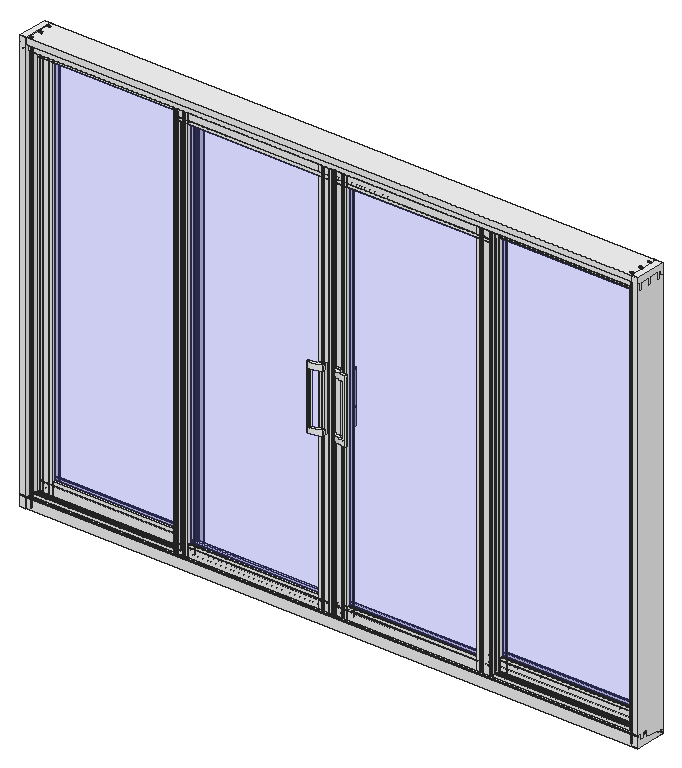
Revit family "Patio-Door_650_4-Light_OXXO_Novatech", category Doors, host Wall, Revit 2026 (continued)
Definition of nested family "NOVATECH 650_4 LIGHT_SASH_X_RIGHT"
  Definition of nested family "NOVATECH_650_3 LIGHT_OXO_SASH_O_HEADER"
    Forms (in)
      Extrusion 1, solid, material <- "Frame Material"
        sketch origin (0, 3.99113, -1.74837) x (0, 1, 0) y (0, 0, 1)
          loop
            line (-3.96572, 1.7827) -> (-3.72145, 1.74837) -> (-3.72145, 1.78968) -> (-3.75491, 1.78968) -> (-3.75491, 2.4378) -> (-3.65663, 2.4378) -> (-3.65663, 2.3126) -> (-2.78262, 2.3126) -> (-2.78262, 2.4378) -> (-2.55413, 2.4378) -> (-2.55413, 2.67402) -> (-2.60531, 2.67402) -> (-2.60531, 2.77244) -> (-2.41239, 2.77244) -> (-2.41239, 2.4378) -> (-2.33365, 2.4378) -> (-2.33365, 4.29213)
            arc (-2.33365, 4.29213) -> (-2.35095, 4.33389) -> (-2.39271, 4.35118) r 0.05906
            line (-2.39271, 4.35118) -> (-2.70964, 4.35118)
            arc (-2.70964, 4.35118) -> (-2.7514, 4.33389) -> (-2.76869, 4.29213) r 0.05906
          loop
            line (-2.33365, 1.77983) -> (-2.33365, 2.41424)
            arc (-2.33365, 2.41424) -> (-2.34153, 2.42788) -> (-2.35728, 2.42788) r 0.01575
            line (-2.35728, 2.42788) -> (-2.3867, 2.41134)
            arc (-2.3867, 2.41134) -> (-2.40913, 2.41876) -> (-2.41969, 2.43989) r 0.03079
            line (-2.41969, 2.43989) -> (-2.43129, 2.60578) -> (-2.46833, 2.69723)
            arc (-2.46833, 2.69723) -> (-2.49406, 2.72434) -> (-2.53137, 2.72666) r 0.05107
            arc (-2.53137, 2.72666) -> (-2.55479, 2.69582) -> (-2.53061, 2.66558) r 0.0315
            line (-2.53061, 2.66558) -> (-2.49742, 2.58344) -> (-2.48648, 2.44027) -> (-2.57331, 2.38618) -> (-2.68011, 2.42243)
            arc (-2.68011, 2.42243) -> (-2.69481, 2.42088) -> (-2.70176, 2.40783) r 0.01575
            line (-2.70176, 2.40783) -> (-2.70176, 1.78968) -> (-2.72145, 1.75031) -> (-2.36318, 1.75031)
            arc (-2.36318, 1.75031) -> (-2.3423, 1.75896) -> (-2.33365, 1.77983) r 0.02953
        from 0 to 25.4316
    Dimensions and locks (in)
      "Length": plane 3 "Center (Left/Right)" to plane 4
      aligned and locked: plane 2 to level
      aligned and locked: plane 4 to Extrusion 1
      aligned and locked: Extrusion 1 to plane 3 "Center (Left/Right)"
    Automatic sketch dimensions
      Extrusion 1 sketch curve to level = 0"
      plane 1 "Center (Front/Back)" to Extrusion 1 sketch curve = 0"
      level to Extrusion 1 sketch curve = 0.03433"
      Extrusion 1 sketch curve to Extrusion 1 sketch curve = 0.02542"
      Extrusion 1 sketch curve to Extrusion 1 sketch curve = 0.02953"
      Extrusion 1 sketch curve to Extrusion 1 sketch curve = 0.05906"
      Extrusion 1 sketch curve to Extrusion 1 sketch curve = 0.20669"
      Extrusion 1 sketch curve to Extrusion 1 sketch curve = 0.03346"
      Extrusion 1 sketch curve to Extrusion 1 sketch curve = 0.27362"  (x2)
      Extrusion 1 sketch curve to Extrusion 1 sketch curve = 0.09828"
      Extrusion 1 sketch curve to Extrusion 1 sketch curve = 0.04331"
      Extrusion 1 sketch curve to Extrusion 1 sketch curve = 0.00787"  (x2)
      Extrusion 1 sketch curve to Extrusion 1 sketch curve = 0.05118"  (x4)
      Extrusion 1 sketch curve to plane 1 "Center (Front/Back)" = 1.20852"
      Extrusion 1 sketch curve to plane 1 "Center (Front/Back)" = 1.22244"  (x2)
      Extrusion 1 sketch curve to plane 1 "Center (Front/Back)" = 1.26968"
      Extrusion 1 sketch curve to plane 1 "Center (Front/Back)" = 1.27362"  (x2)
      Extrusion 1 sketch curve to plane 1 "Center (Front/Back)" = 1.2815"
      Extrusion 1 sketch curve to plane 1 "Center (Front/Back)" = 1.28937"
      Extrusion 1 sketch curve to plane 1 "Center (Front/Back)" = 1.28938"
      Extrusion 1 sketch curve to Extrusion 1 sketch curve = 0.01575"  (x2)
      Extrusion 1 sketch curve to Extrusion 1 sketch curve = 0.0059"
      Extrusion 1 sketch curve to plane 1 "Center (Front/Back)" = 1.38583"
      Extrusion 1 sketch curve to Extrusion 1 sketch curve = 0.1068"
      Extrusion 1 sketch curve to Extrusion 1 sketch curve = 0.01918"
      Extrusion 1 sketch curve to Extrusion 1 sketch curve = 0.02352"
      Extrusion 1 sketch curve to Extrusion 1 sketch curve = 0.00731"
      Extrusion 1 sketch curve to Extrusion 1 sketch curve = 0.01494"
      Extrusion 1 sketch curve to Extrusion 1 sketch curve = 0.03319"
      Extrusion 1 sketch curve to Extrusion 1 sketch curve = 0.06765"
      Extrusion 1 sketch curve to Extrusion 1 sketch curve = 0.04734"
      Extrusion 1 sketch curve to Extrusion 1 sketch curve = 0.06613"
      Extrusion 1 sketch curve to Extrusion 1 sketch curve = 0.06679"
      Extrusion 1 sketch curve to Extrusion 1 sketch curve = 0.0073"
      Extrusion 1 sketch curve to Extrusion 1 sketch curve = 0.02341"
      Extrusion 1 sketch curve to Extrusion 1 sketch curve = 0.00228"
      level to Extrusion 1 sketch curve = 0.00194"
      Extrusion 1 sketch curve to Extrusion 1 sketch curve = 0.33858"
      Extrusion 1 sketch curve to Extrusion 1 sketch curve = 0.02942"
      Extrusion 1 sketch curve to Extrusion 1 sketch curve = 0.02362"
      level to Extrusion 1 sketch curve = 0.04131"  (x2)
      Extrusion 1 sketch curve to Extrusion 1 sketch curve = 0.52292"
      Extrusion 1 sketch curve to Extrusion 1 sketch curve = 0.07358"
      Extrusion 1 sketch curve to Extrusion 1 sketch curve = 0.02165"
      Extrusion 1 sketch curve to Extrusion 1 sketch curve = 0"
      Extrusion 1 sketch curve to Extrusion 1 sketch curve = 0.02516"
      Extrusion 1 sketch curve to Extrusion 1 sketch curve = 0.0029"
      Extrusion 1 sketch curve to Extrusion 1 sketch curve = 0.05162"
      Extrusion 1 sketch curve to Extrusion 1 sketch curve = 0.02356"
      Extrusion 1 sketch curve to Extrusion 1 sketch curve = 0.1252"
      Extrusion 1 sketch curve to Extrusion 1 sketch curve = 0.00209"
      Extrusion 1 sketch curve to Extrusion 1 sketch curve = 0.00038"
      Extrusion 1 sketch curve to Extrusion 1 sketch curve = 0.14318"
      Extrusion 1 sketch curve to Extrusion 1 sketch curve = 0.02234"
      Extrusion 1 sketch curve to Extrusion 1 sketch curve = 0.08214"
      Extrusion 1 sketch curve to Extrusion 1 sketch curve = 0.00844"
      Extrusion 1 sketch curve to Extrusion 1 sketch curve = 0.01248"
      Extrusion 1 sketch curve to Extrusion 1 sketch curve = 0.01815"
      Extrusion 1 sketch curve to Extrusion 1 sketch curve = 0.01917"
      Extrusion 1 sketch curve to Extrusion 1 sketch curve = 0.07521"
      Extrusion 1 sketch curve to Extrusion 1 sketch curve = 1.20472"
      Extrusion 1 sketch curve to Extrusion 1 sketch curve = 0.32247"  (x2)
      Extrusion 1 sketch curve to Extrusion 1 sketch curve = 0.06299"  (x4)
      Extrusion 1 sketch curve to Extrusion 1 sketch curve = 0.1811"  (x2)
      Extrusion 1 sketch curve to Extrusion 1 sketch curve = 0.02005"  (x2)
  Definition of nested family "NOVATECH_650_2 LIGHT_SASH_O_LEFT"
    Parameters (values of type "NOVATECH_650_2 LIGHT_SASH_X_RIGHT")
      Length = 91 121/128"
      Frame Material = none
      Default Elevation = 0"
    Types (2): name | Length
      NOVATECH_650_2 LIGHT_SASH_X_RIGHT | 91 121/128"
      X_RIGHT | 75 121/128"
    Reference planes (in)
      plane 1 "Center (Front/Back)": y = 0
      plane 2: z = 0
      plane 3 "Center (Left/Right)": x = 0
      plane 4: z = 91.94531
    Forms (in)
      Extrusion 1, solid, material <- "Frame Material"
        sketch origin (0, 0, 0) x (1, 0, 0) y (0, 1, 0)
          loop
            arc (0, 2.60918) -> (-0.00724, 2.62855) -> (-0.02542, 2.63842) r 0.02953
            line (-0.02542, 2.63842) -> (-0.26968, 2.67275) -> (-0.26968, 2.63144) -> (-0.23622, 2.63144) -> (-0.23622, 1.98332) -> (-0.33268, 1.98332) -> (-0.33268, 2.10852) -> (-1.20669, 2.10852) -> (-1.20669, 1.98332) -> (-1.43701, 1.98332) -> (-1.43701, 1.7471) -> (-1.38583, 1.7471) -> (-1.38583, 1.64868) -> (-1.57874, 1.64868) -> (-1.57874, 1.98332) -> (-1.65748, 1.98332) -> (-1.65748, 0.12899)
            arc (-1.65748, 0.12899) -> (-1.64018, 0.08723) -> (-1.59843, 0.06993) r 0.05906
            line (-1.59843, 0.06993) -> (-1.2815, 0.06993)
            arc (-1.2815, 0.06993) -> (-1.23974, 0.08723) -> (-1.22244, 0.12899) r 0.05906
            line (-1.22244, 0.12899) -> (-1.22244, 0.21204) -> (-1.27362, 0.21204) -> (-1.27362, 0.14904) -> (-1.3248, 0.14904) -> (-1.3248, 0.45613) -> (-1.27362, 0.45613) -> (-1.27362, 0.39314) -> (-1.22244, 0.39314) -> (-1.22244, 0.7786) -> (-0.43504, 0.7786) -> (-0.43504, 0.39314) -> (-0.38386, 0.39314) -> (-0.38386, 0.45613) -> (-0.33268, 0.45613) -> (-0.33268, 0.14904) -> (-0.38386, 0.14904) -> (-0.38386, 0.21204) -> (-0.43504, 0.21204) -> (-0.43504, 0.12899)
            arc (-0.43504, 0.12899) -> (-0.41774, 0.08723) -> (-0.37598, 0.06993) r 0.05906
            line (-0.37598, 0.06993) -> (-0.05906, 0.06993)
            arc (-0.05906, 0.06993) -> (-0.0173, 0.08723) -> (0, 0.12899) r 0.05906
            line (0, 0.12899) -> (0, 2.60918)
          loop
            line (-1.65748, 2.64128) -> (-1.65748, 2.00688)
            arc (-1.65748, 2.00688) -> (-1.64961, 1.99324) -> (-1.63386, 1.99324) r 0.01575
            line (-1.63386, 1.99324) -> (-1.59722, 2.01457)
            arc (-1.59722, 2.01457) -> (-1.57751, 2.00971) -> (-1.56866, 1.99144) r 0.02387
            line (-1.56866, 1.99144) -> (-1.55561, 1.80487) -> (-1.52275, 1.724)
            arc (-1.52275, 1.724) -> (-1.49705, 1.69699) -> (-1.45984, 1.69471) r 0.05095
            arc (-1.45984, 1.69471) -> (-1.43807, 1.71807) -> (-1.44789, 1.74845) r 0.0315
            line (-1.44789, 1.74845) -> (-1.49117, 1.85556) -> (-1.50093, 1.98318) -> (-1.41782, 2.03494) -> (-1.31103, 1.99869)
            arc (-1.31103, 1.99869) -> (-1.29632, 2.00023) -> (-1.28938, 2.01329) r 0.01575
            line (-1.28938, 2.01329) -> (-1.28937, 2.63144) -> (-1.26968, 2.67081) -> (-1.62795, 2.67081)
            arc (-1.62795, 2.67081) -> (-1.64883, 2.66216) -> (-1.65748, 2.64128) r 0.02953
          loop
            line (0.07647, -0.01969) -> (0.07647, -0.38602)
            arc (0.07647, -0.38602) -> (0.10206, -0.40478) -> (0.12766, -0.38602) r 0.02683
            line (0.12766, -0.38602) -> (0.12766, -0.35453)
            arc (0.12766, -0.35453) -> (0.15325, -0.33628) -> (0.17884, -0.35453) r 0.02707
            line (0.17884, -0.35453) -> (0.17884, -0.63012)
            arc (0.17884, -0.63012) -> (0.15325, -0.64893) -> (0.12766, -0.63012) r 0.02681
            line (0.12766, -0.63012) -> (0.12766, -0.59862)
            arc (0.12766, -0.59862) -> (0.10206, -0.58127) -> (0.07647, -0.59862) r 0.02755
            line (0.07647, -0.59862) -> (0.07647, -0.66555)
            arc (0.07647, -0.66555) -> (0.09377, -0.70731) -> (0.13553, -0.72461) r 0.05906
            line (0.13553, -0.72461) -> (0.22766, -0.72461)
            arc (0.22766, -0.72461) -> (0.24881, -0.71584) -> (0.25758, -0.69469) r 0.02992
            line (0.25758, -0.69469) -> (0.25758, 0.23201)
            arc (0.25758, 0.23201) -> (0.23169, 0.29038) -> (0.17096, 0.31114) r 0.07874
            arc (0.17096, 0.31114) -> (0.11032, 0.33112) -> (0.08443, 0.38949) r 0.07874
            line (0.08443, 0.38949) -> (0.08474, 0.60158)
            arc (0.08474, 0.60158) -> (0.0526, 0.62704) -> (0.01382, 0.61375) r 0.04276
            line (0.01382, 0.61375) -> (0.01348, 0.05437) -> (-0.59274, 0.05437) -> (-0.5928, 0.73559)
            arc (-0.5928, 0.73559) -> (-0.62272, 0.75865) -> (-0.65265, 0.73561) r 0.03095
            line (-0.65265, 0.73561) -> (-0.65258, 0.42442) -> (-1.00487, 0.42443) -> (-1.00481, 0.73561)
            arc (-1.00481, 0.73561) -> (-1.03474, 0.75865) -> (-1.06466, 0.73559) r 0.03095
            line (-1.06466, 0.73559) -> (-1.06472, 0.05437) -> (-1.67093, 0.05437) -> (-1.67127, 0.61375)
            arc (-1.67127, 0.61375) -> (-1.71006, 0.62704) -> (-1.74219, 0.60158) r 0.04276
            line (-1.74219, 0.60158) -> (-1.74188, 0.38949)
            arc (-1.74188, 0.38949) -> (-1.76777, 0.33112) -> (-1.82849, 0.31036) r 0.07874
            arc (-1.82849, 0.31036) -> (-1.88914, 0.29038) -> (-1.91503, 0.23201) r 0.07874
            line (-1.91503, 0.23201) -> (-1.91503, -0.69469)
            arc (-1.91503, -0.69469) -> (-1.90627, -0.71584) -> (-1.88511, -0.72461) r 0.02992
            line (-1.88511, -0.72461) -> (-1.79298, -0.72461)
            arc (-1.79298, -0.72461) -> (-1.75123, -0.70731) -> (-1.73393, -0.66555) r 0.05906
            line (-1.73393, -0.66555) -> (-1.73393, -0.59862)
            arc (-1.73393, -0.59862) -> (-1.75952, -0.58127) -> (-1.78511, -0.59862) r 0.02755
            line (-1.78511, -0.59862) -> (-1.78511, -0.63012)
            arc (-1.78511, -0.63012) -> (-1.8107, -0.64893) -> (-1.83629, -0.63012) r 0.02681
            line (-1.83629, -0.63012) -> (-1.83629, -0.35453)
            arc (-1.83629, -0.35453) -> (-1.8107, -0.33628) -> (-1.78511, -0.35453) r 0.02707
            line (-1.78511, -0.35453) -> (-1.78511, -0.38602)
            arc (-1.78511, -0.38602) -> (-1.75952, -0.40478) -> (-1.73393, -0.38602) r 0.02683
            line (-1.73393, -0.38602) -> (-1.73393, -0.01969)
            arc (-1.73393, -0.01969) -> (-1.72816, -0.00577) -> (-1.71424, 0) r 0.01969
            line (-1.71424, 0) -> (0.05679, 0)
            arc (0.05679, 0) -> (0.07071, -0.00577) -> (0.07647, -0.01969) r 0.01969
        from 0 to 91.94531
    Dimensions and locks (in)
      "Length": plane 4 to level
      aligned and locked: plane 2 to level
      aligned and locked: Extrusion 1 to level
      aligned and locked: plane 4 to Extrusion 1
    Automatic sketch dimensions
      Extrusion 1 sketch curve to plane 3 "Center (Left/Right)" = 1.91503"
      Extrusion 1 sketch curve to Extrusion 1 sketch curve = 0.02992"  (x4)
      Extrusion 1 sketch curve to Extrusion 1 sketch curve = 0.04882"
      Extrusion 1 sketch curve to Extrusion 1 sketch curve = 0.07874"  (x3)
      Extrusion 1 sketch curve to Extrusion 1 sketch curve = 0.01567"  (x2)
      Extrusion 1 sketch curve to Extrusion 1 sketch curve = 0.02559"  (x14)
      Extrusion 1 sketch curve to Extrusion 1 sketch curve = 0.09213"  (x2)
      Extrusion 1 sketch curve to Extrusion 1 sketch curve = 0.07843"
      Extrusion 1 sketch curve to Extrusion 1 sketch curve = 0.05906"  (x4)
      Extrusion 1 sketch curve to Extrusion 1 sketch curve = 0.01969"  (x4)
      Extrusion 1 sketch curve to Extrusion 1 sketch curve = 0.03937"  (x2)
      Extrusion 1 sketch curve to Extrusion 1 sketch curve = 0.03155"  (x2)
      Extrusion 1 sketch curve to Extrusion 1 sketch curve = 0.04331"  (x4)
      Extrusion 1 sketch curve to Extrusion 1 sketch curve = 0.01379"  (x2)
      Extrusion 1 sketch curve to Extrusion 1 sketch curve = 0"  (x3)
      Extrusion 1 sketch curve to Extrusion 1 sketch curve = 0.01575"  (x2)
      Extrusion 1 sketch curve to Extrusion 1 sketch curve = 0.00787"  (x2)
      Extrusion 1 sketch curve to Extrusion 1 sketch curve = 0.02953"
      Extrusion 1 sketch curve to Extrusion 1 sketch curve = 0.03664"
      Extrusion 1 sketch curve to Extrusion 1 sketch curve = 0.00468"
      Extrusion 1 sketch curve to Extrusion 1 sketch curve = 0.01008"
      Extrusion 1 sketch curve to Extrusion 1 sketch curve = 0.02313"
      Extrusion 1 sketch curve to Extrusion 1 sketch curve = 0.03286"
      Extrusion 1 sketch curve to Extrusion 1 sketch curve = 0.06773"
      Extrusion 1 sketch curve to Extrusion 1 sketch curve = 0.06444"
      Extrusion 1 sketch curve to Extrusion 1 sketch curve = 0.0472"
      Extrusion 1 sketch curve to Extrusion 1 sketch curve = 0.00674"
      Extrusion 1 sketch curve to Extrusion 1 sketch curve = 0.02766"
      Extrusion 1 sketch curve to Extrusion 1 sketch curve = 0.01089"
      Extrusion 1 sketch curve to Extrusion 1 sketch curve = 0.01918"
      Extrusion 1 sketch curve to Extrusion 1 sketch curve = 0.05118"  (x7)
      Extrusion 1 sketch curve to Extrusion 1 sketch curve = 0.27362"  (x2)
      Extrusion 1 sketch curve to Extrusion 1 sketch curve = 0.1068"
      Extrusion 1 sketch curve to Extrusion 1 sketch curve = 0.0059"
      Extrusion 1 sketch curve to Extrusion 1 sketch curve = 0.33858"
      Extrusion 1 sketch curve to Extrusion 1 sketch curve = 0.08268"
      Extrusion 1 sketch curve to Extrusion 1 sketch curve = 0.15772"
      Extrusion 1 sketch curve to Extrusion 1 sketch curve = 0.15778"
      Extrusion 1 sketch curve to Extrusion 1 sketch curve = 0.02993"  (x2)
      Extrusion 1 sketch curve to Extrusion 1 sketch curve = 0.21757"
      Extrusion 1 sketch curve to Extrusion 1 sketch curve = 0.35216"
      Extrusion 1 sketch curve to Extrusion 1 sketch curve = 0.00007"
      Extrusion 1 sketch curve to Extrusion 1 sketch curve = 0.05985"
      Extrusion 1 sketch curve to Extrusion 1 sketch curve = 0.1577"
      Extrusion 1 sketch curve to Extrusion 1 sketch curve = 0.15776"
      Extrusion 1 sketch curve to Extrusion 1 sketch curve = 0.87402"
      Extrusion 1 sketch curve to Extrusion 1 sketch curve = 0.06299"  (x5)
      Extrusion 1 sketch curve to Extrusion 1 sketch curve = 0.03346"
      Extrusion 1 sketch curve to Extrusion 1 sketch curve = 0.20669"
      Extrusion 1 sketch curve to Extrusion 1 sketch curve = 0.00411"
      Extrusion 1 sketch curve to Extrusion 1 sketch curve = 0.07253"
      Extrusion 1 sketch curve to Extrusion 1 sketch curve = 0.3465"
      Extrusion 1 sketch curve to Extrusion 1 sketch curve = 5/128"
      Extrusion 1 sketch curve to Extrusion 1 sketch curve = 0.03543"  (x2)
      Extrusion 1 sketch curve to Extrusion 1 sketch curve = 0.008"  (x2)
      Extrusion 1 sketch curve to Extrusion 1 sketch curve = 0.0213"  (x2)
      Extrusion 1 sketch curve to Extrusion 1 sketch curve = 0.0102"  (x2)
      Extrusion 1 sketch curve to Extrusion 1 sketch curve = 0.07406"
      Extrusion 1 sketch curve to Extrusion 1 sketch curve = 0.01556"  (x2)
      Extrusion 1 sketch curve to Extrusion 1 sketch curve = 0.02005"  (x2)
      Extrusion 1 sketch curve to Extrusion 1 sketch curve = 0.15748"  (x2)
      Extrusion 1 sketch curve to Extrusion 1 sketch curve = 0.1811"  (x2)
      Extrusion 1 sketch curve to Extrusion 1 sketch curve = 0.03129"
      Extrusion 1 sketch curve to Extrusion 1 sketch curve = 0.04301"
      Extrusion 1 sketch curve to Extrusion 1 sketch curve = 0.87008"
      Extrusion 1 sketch curve to Extrusion 1 sketch curve = 0.07532"
      Extrusion 1 sketch curve to Extrusion 1 sketch curve = 0.00091"
      Extrusion 1 sketch curve to Extrusion 1 sketch curve = 0.01827"
      Extrusion 1 sketch curve to Extrusion 1 sketch curve = 0.0222"
      Extrusion 1 sketch curve to Extrusion 1 sketch curve = 0.00135"
      Extrusion 1 sketch curve to Extrusion 1 sketch curve = 0.08088"
      Extrusion 1 sketch curve to Extrusion 1 sketch curve = 0.05069"
      Extrusion 1 sketch curve to Extrusion 1 sketch curve = 0.12761"
      Extrusion 1 sketch curve to Extrusion 1 sketch curve = 0.00014"  (x2)
      Extrusion 1 sketch curve to Extrusion 1 sketch curve = 0.00784"
      Extrusion 1 sketch curve to Extrusion 1 sketch curve = 0.00812"
      Extrusion 1 sketch curve to Extrusion 1 sketch curve = 0.00992"
      Extrusion 1 sketch curve to Extrusion 1 sketch curve = 0.01537"
      Extrusion 1 sketch curve to Extrusion 1 sketch curve = 0.05162"
      Extrusion 1 sketch curve to Extrusion 1 sketch curve = 0.1252"
      Extrusion 1 sketch curve to Extrusion 1 sketch curve = 0.50066"
      Extrusion 1 sketch curve to Extrusion 1 sketch curve = 0.52292"
      Extrusion 1 sketch curve to Extrusion 1 sketch curve = 0.02226"
      Extrusion 1 sketch curve to Extrusion 1 sketch curve = 0.00984"
      Extrusion 1 sketch curve to Extrusion 1 sketch curve = 0.04131"
      Extrusion 1 sketch curve to Extrusion 1 sketch curve = 1/128"  (x2)
      Extrusion 1 sketch curve to Extrusion 1 sketch curve = 0.00008"  (x2)
      plane 1 "Center (Front/Back)" to Extrusion 1 sketch curve = 0"
      Extrusion 1 sketch curve to Extrusion 1 sketch curve = 0.33484"  (x2)
      Extrusion 1 sketch curve to Extrusion 1 sketch curve = 0.00883"  (x2)
      Extrusion 1 sketch curve to Extrusion 1 sketch curve = 3/128"  (x2)
      Extrusion 1 sketch curve to Extrusion 1 sketch curve = 0.00808"  (x2)
      Extrusion 1 sketch curve to Extrusion 1 sketch curve = 0.2126"  (x2)
      Extrusion 1 sketch curve to plane 1 "Center (Front/Back)" = 0.05437"
      Extrusion 1 sketch curve to plane 1 "Center (Front/Back)" = 0.23201"  (x2)
      Extrusion 1 sketch curve to Extrusion 1 sketch curve = 0.03128"
      Extrusion 1 sketch curve to Extrusion 1 sketch curve = 0.1954"  (x2)
      Extrusion 1 sketch curve to Extrusion 1 sketch curve = 0.01669"  (x2)
      Extrusion 1 sketch curve to Extrusion 1 sketch curve = 0.30326"
      Extrusion 1 sketch curve to Extrusion 1 sketch curve = 0.30328"
      Extrusion 1 sketch curve to Extrusion 1 sketch curve = 0.0079"  (x2)
  Definition of nested family "NOVATECH_650_2 LIGHT_SASH_O_RIGHT"
    Parameters (values of type "O_RIGHT")
      Length = 75 121/128"
      Frame Material = none
      Default Elevation = 0"
    Types (3): name | Length
      O_RIGHT | 75 121/128"
      X_LEFT | 75 121/128"
      NOVATECH_650_2 LIGHT_SASH_O_LEFT | 91 121/128"
    Reference planes (in)
      plane 1 "Center (Front/Back)": y = 0
      plane 2: z = 0
      plane 3 "Center (Left/Right)": x = 0
      plane 4: z = 75.94531
      plane 5: y = 1.34378
    Forms (in)
      Extrusion 1, solid, material <- "Frame Material"
        sketch origin (0, 0, 0) x (1, 0, 0) y (0, 1, 0)
          loop
            line (0.26968, 2.68949) -> (0.02542, 2.65516)
            arc (0.02542, 2.65516) -> (0.00724, 2.6453) -> (0, 2.62592) r 0.02953
            line (0, 2.62592) -> (0, 0.14573)
            arc (0, 0.14573) -> (0.0173, 0.10398) -> (0.05906, 0.08668) r 0.05906
            line (0.05906, 0.08668) -> (0.37598, 0.08668)
            arc (0.37598, 0.08668) -> (0.41774, 0.10398) -> (0.43504, 0.14573) r 0.05906
            line (0.43504, 0.14573) -> (0.43504, 0.21303)
            arc (0.43504, 0.21303) -> (0.40945, 0.22962) -> (0.38386, 0.21303) r 0.02803
            line (0.38386, 0.21303) -> (0.38386, 0.18154)
            arc (0.38386, 0.18154) -> (0.35827, 0.16396) -> (0.33268, 0.18154) r 0.02742
            line (0.33268, 0.18154) -> (0.33268, 0.45713)
            arc (0.33268, 0.45713) -> (0.35827, 0.47486) -> (0.38386, 0.45713) r 0.02733
            line (0.38386, 0.45713) -> (0.38386, 0.42563)
            arc (0.38386, 0.42563) -> (0.40945, 0.40805) -> (0.43504, 0.42563) r 0.02742
            line (0.43504, 0.42563) -> (0.43504, 0.79534) -> (1.22244, 0.79534) -> (1.22244, 0.42563)
            arc (1.22244, 0.42563) -> (1.24803, 0.40805) -> (1.27362, 0.42563) r 0.02742
            line (1.27362, 0.42563) -> (1.27362, 0.45713)
            arc (1.27362, 0.45713) -> (1.29921, 0.47524) -> (1.3248, 0.45713) r 0.02713
            line (1.3248, 0.45713) -> (1.3248, 0.18154)
            arc (1.3248, 0.18154) -> (1.29921, 0.16434) -> (1.27362, 0.18154) r 0.02764
            line (1.27362, 0.18154) -> (1.27362, 0.21303)
            arc (1.27362, 0.21303) -> (1.24803, 0.23061) -> (1.22244, 0.21303) r 0.02742
            line (1.22244, 0.21303) -> (1.22244, 0.14573)
            arc (1.22244, 0.14573) -> (1.23974, 0.10398) -> (1.2815, 0.08668) r 0.05906
            line (1.2815, 0.08668) -> (1.59843, 0.08668)
            arc (1.59843, 0.08668) -> (1.64018, 0.10398) -> (1.65748, 0.14573) r 0.05906
            line (1.65748, 0.14573) -> (1.65748, 2.00007) -> (1.57874, 2.00007) -> (1.57874, 1.66542) -> (1.38583, 1.66542) -> (1.38583, 1.76384) -> (1.43701, 1.76384) -> (1.43701, 2.00007) -> (1.20669, 2.00007) -> (1.20669, 2.12479) -> (0.33268, 2.12479) -> (0.33268, 1.99959) -> (0.23622, 1.99959) -> (0.23622, 2.64819) -> (0.26968, 2.64819) -> (0.26968, 2.68949)
          loop
            line (1.28937, 2.64819) -> (1.28938, 2.03003)
            arc (1.28938, 2.03003) -> (1.29632, 2.01698) -> (1.31103, 2.01543) r 0.01575
            line (1.31103, 2.01543) -> (1.41782, 2.05168) -> (1.50093, 1.99992) -> (1.49117, 1.87231) -> (1.44649, 1.76171)
            arc (1.44649, 1.76171) -> (1.44092, 1.73158) -> (1.4636, 1.71098) r 0.0315
            arc (1.4636, 1.71098) -> (1.49865, 1.71501) -> (1.52258, 1.74094) r 0.05068
            line (1.52258, 1.74094) -> (1.558, 1.82779) -> (1.57055, 2.0073)
            arc (1.57055, 2.0073) -> (1.58152, 2.02632) -> (1.60344, 2.02757) r 0.02309
            line (1.60344, 2.02757) -> (1.63386, 2.01194)
            arc (1.63386, 2.01194) -> (1.64961, 2.01194) -> (1.65748, 2.02558) r 0.01575
            line (1.65748, 2.02558) -> (1.65748, 2.65803)
            arc (1.65748, 2.65803) -> (1.64883, 2.67891) -> (1.62795, 2.68756) r 0.02953
            line (1.62795, 2.68756) -> (1.26968, 2.68756) -> (1.28937, 2.64819)
          loop
            line (1.65216, 0.06693) -> (1.18018, 0.06693) -> (1.21838, 0.25591) -> (1.26986, 0.25591)
            arc (1.26986, 0.25591) -> (1.28457, 0.26603) -> (1.28036, 0.28339) r 0.01575
            line (1.28036, 0.28339) -> (1.1774, 0.397)
            arc (1.1774, 0.397) -> (1.15456, 0.39997) -> (1.14407, 0.37946) r 0.02
            line (1.14407, 0.37946) -> (1.16159, 0.25591) -> (1.12419, 0.07087) -> (0.53364, 0.07087) -> (0.49624, 0.25591) -> (0.51373, 0.37069)
            arc (0.51373, 0.37069) -> (0.50336, 0.39135) -> (0.48043, 0.38843) r 0.02
            line (0.48043, 0.38843) -> (0.37835, 0.26087)
            arc (0.37835, 0.26087) -> (0.37713, 0.24327) -> (0.39318, 0.23594) r 0.0155
            line (0.39318, 0.23594) -> (0.44274, 0.24478) -> (0.48605, 0.06693) -> (-0.29053, 0.06693) -> (-0.29053, 0.63673) -> (-0.23131, 0.6761) -> (-0.23131, 0.81723) -> (-0.02739, 0.81723) -> (-0.02739, 0.88415) -> (-0.23131, 0.88415) -> (-0.23131, 1.06988) -> (-0.26037, 1.10788) -> (-0.26037, 1.49105) -> (-0.32096, 1.596)
            arc (-0.32096, 1.596) -> (-0.32199, 1.62721) -> (-0.35046, 1.64005) r 0.02953
            arc (-0.35046, 1.64005) -> (-0.37383, 1.63301) -> (-0.38392, 1.61078) r 0.02953
            line (-0.38392, 1.61078) -> (-0.38392, 1.5712) -> (-0.3273, 1.47312) -> (-0.3273, 1.1048)
            arc (-0.3273, 1.1048) -> (-0.33576, 1.08863) -> (-0.35387, 1.08636) r 0.01969
            arc (-0.35387, 1.08636) -> (-0.38767, 1.0621) -> (-0.4006, 1.02255) r 0.06693
            line (-0.4006, 1.02255) -> (-0.40043, 0.97924)
            arc (-0.40043, 0.97924) -> (-0.37484, 0.96174) -> (-0.34925, 0.97924) r 0.02746
            line (-0.34925, 0.97924) -> (-0.34942, 1.01074)
            arc (-0.34942, 1.01074) -> (-0.32383, 1.02832) -> (-0.29824, 1.01074) r 0.02742
            line (-0.29824, 1.01074) -> (-0.29824, 0.73515)
            arc (-0.29824, 0.73515) -> (-0.32383, 0.71804) -> (-0.34942, 0.73515) r 0.02769
            line (-0.34942, 0.73515) -> (-0.34942, 0.77452)
            arc (-0.34942, 0.77452) -> (-0.37501, 0.79231) -> (-0.4006, 0.77452) r 0.0273
            line (-0.4006, 0.77452) -> (-0.4006, 0.72334)
            arc (-0.4006, 0.72334) -> (-0.38877, 0.68534) -> (-0.35745, 0.66078) r 0.06693
            line (-0.35745, 0.66078) -> (-0.35745, 0.07874)
            arc (-0.35745, 0.07874) -> (-0.33439, 0.02306) -> (-0.27871, 0) r 0.07874
            line (-0.27871, 0) -> (1.61613, 0)
            arc (1.61613, 0) -> (1.63764, 0.0064) -> (1.65216, 0.02351) r 0.03937
            line (1.65216, 0.02351) -> (1.65216, 0.06693)
        from 0 to 75.94531
    Dimensions and locks (in)
      "Length": plane 4 to level
      aligned and locked: plane 2 to level
      aligned and locked: Extrusion 1 to level
      aligned and locked: plane 4 to Extrusion 1
    Automatic sketch dimensions
      Extrusion 1 sketch curve to Extrusion 1 sketch curve = 0"  (x5)
      Extrusion 1 sketch curve to Extrusion 1 sketch curve = 0.00017"
      Extrusion 1 sketch curve to Extrusion 1 sketch curve = 0.01668"
      Extrusion 1 sketch curve to Extrusion 1 sketch curve = 0.02559"  (x18)
      Extrusion 1 sketch curve to Extrusion 1 sketch curve = 0.04315"
      Extrusion 1 sketch curve to Extrusion 1 sketch curve = 0.02953"  (x2)
      Extrusion 1 sketch curve to Extrusion 1 sketch curve = 0.02542"  (x2)
      Extrusion 1 sketch curve to Extrusion 1 sketch curve = 0.00244"
      Extrusion 1 sketch curve to Extrusion 1 sketch curve = 0.00787"  (x3)
      Extrusion 1 sketch curve to Extrusion 1 sketch curve = 0.01575"  (x4)
      Extrusion 1 sketch curve to Extrusion 1 sketch curve = 0.05662"
      Extrusion 1 sketch curve to Extrusion 1 sketch curve = 0.00984"  (x8)
      Extrusion 1 sketch curve to Extrusion 1 sketch curve = 0.02556"
      Extrusion 1 sketch curve to Extrusion 1 sketch curve = 0.06693"  (x4)
      Extrusion 1 sketch curve to Extrusion 1 sketch curve = 0.01181"  (x3)
      Extrusion 1 sketch curve to Extrusion 1 sketch curve = 0.20393"
      Extrusion 1 sketch curve to Extrusion 1 sketch curve = 0.34652"
      Extrusion 1 sketch curve to Extrusion 1 sketch curve = 0.05906"  (x2)
      Extrusion 1 sketch curve to Extrusion 1 sketch curve = 0.20669"
      Extrusion 1 sketch curve to Extrusion 1 sketch curve = 0.03346"
      Extrusion 1 sketch curve to Extrusion 1 sketch curve = 0.09646"
      Extrusion 1 sketch curve to Extrusion 1 sketch curve = 0.27362"  (x2)
      Extrusion 1 sketch curve to Extrusion 1 sketch curve = 0.04331"
      Extrusion 1 sketch curve to plane 1 "Center (Front/Back)" = 0.26087"
      Extrusion 1 sketch curve to Extrusion 1 sketch curve = 0.02009"
      Extrusion 1 sketch curve to Extrusion 1 sketch curve = 0.0121"
      Extrusion 1 sketch curve to plane 1 "Center (Front/Back)" = 0.23594"
      Extrusion 1 sketch curve to Extrusion 1 sketch curve = 0.00272"
      Extrusion 1 sketch curve to Extrusion 1 sketch curve = 0.05118"  (x2)
      Extrusion 1 sketch curve to plane 1 "Center (Front/Back)" = 0.24478"
      Extrusion 1 sketch curve to Extrusion 1 sketch curve = 0.0077"
      Extrusion 1 sketch curve to plane 1 "Center (Front/Back)" = 0.38843"
      Extrusion 1 sketch curve to Extrusion 1 sketch curve = 0.04539"
      Extrusion 1 sketch curve to plane 1 "Center (Front/Back)" = 0.06693"  (x2)
      Extrusion 1 sketch curve to Extrusion 1 sketch curve = 0.05101"
      Extrusion 1 sketch curve to Extrusion 1 sketch curve = 0.01353"  (x2)
      Extrusion 1 sketch curve to plane 1 "Center (Front/Back)" = 0.25591"  (x3)
      Extrusion 1 sketch curve to Extrusion 1 sketch curve = 0.0535"
      Extrusion 1 sketch curve to plane 1 "Center (Front/Back)" = 0.37069"
      Extrusion 1 sketch curve to Extrusion 1 sketch curve = 0.01977"
      Extrusion 1 sketch curve to Extrusion 1 sketch curve = 0.04759"
      Extrusion 1 sketch curve to Extrusion 1 sketch curve = 0.59055"
      Extrusion 1 sketch curve to plane 1 "Center (Front/Back)" = 0.37946"
      Extrusion 1 sketch curve to Extrusion 1 sketch curve = 0.01988"
      Extrusion 1 sketch curve to Extrusion 1 sketch curve = 0.01752"
      Extrusion 1 sketch curve to Extrusion 1 sketch curve = 0.0198"
      Extrusion 1 sketch curve to plane 1 "Center (Front/Back)" = 0.397"
      Extrusion 1 sketch curve to Extrusion 1 sketch curve = 0.05599"
      Extrusion 1 sketch curve to Extrusion 1 sketch curve = 0.87402"
      Extrusion 1 sketch curve to Extrusion 1 sketch curve = 0.05678"
      Extrusion 1 sketch curve to Extrusion 1 sketch curve = 0.00406"
      Extrusion 1 sketch curve to Extrusion 1 sketch curve = 0.04504"
      Extrusion 1 sketch curve to Extrusion 1 sketch curve = 0.06299"
      Extrusion 1 sketch curve to Extrusion 1 sketch curve = 0.05148"
      Extrusion 1 sketch curve to plane 1 "Center (Front/Back)" = 0.28339"
      Extrusion 1 sketch curve to Extrusion 1 sketch curve = 0.0105"
      Extrusion 1 sketch curve to Extrusion 1 sketch curve = 0.01969"
      Extrusion 1 sketch curve to Extrusion 1 sketch curve = 0.08268"
      Extrusion 1 sketch curve to Extrusion 1 sketch curve = 0.0059"
      Extrusion 1 sketch curve to Extrusion 1 sketch curve = 0.0748"
      Extrusion 1 sketch curve to Extrusion 1 sketch curve = 0.1068"
      Extrusion 1 sketch curve to Extrusion 1 sketch curve = 0.00948"
      Extrusion 1 sketch curve to Extrusion 1 sketch curve = 0.02428"
      Extrusion 1 sketch curve to Extrusion 1 sketch curve = 0.00493"
      Extrusion 1 sketch curve to Extrusion 1 sketch curve = 0.01547"
      Extrusion 1 sketch curve to Extrusion 1 sketch curve = 0.06392"
      Extrusion 1 sketch curve to plane 1 "Center (Front/Back)" = 1.74094"
      Extrusion 1 sketch curve to Extrusion 1 sketch curve = 3/64"
      Extrusion 1 sketch curve to Extrusion 1 sketch curve = 0.06683"
      Extrusion 1 sketch curve to Extrusion 1 sketch curve = 0.06962"
      Extrusion 1 sketch curve to Extrusion 1 sketch curve = 0.05616"
      Extrusion 1 sketch curve to Extrusion 1 sketch curve = 0.01489"
      Extrusion 1 sketch curve to Extrusion 1 sketch curve = 0.00981"
      Extrusion 1 sketch curve to Extrusion 1 sketch curve = 0.0177"
      Extrusion 1 sketch curve to Extrusion 1 sketch curve = 0.33858"
      Extrusion 1 sketch curve to Extrusion 1 sketch curve = 0.03042"
      Extrusion 1 sketch curve to Extrusion 1 sketch curve = 0.03604"
      Extrusion 1 sketch curve to Extrusion 1 sketch curve = 0.02756"
      Extrusion 1 sketch curve to Extrusion 1 sketch curve = 0.01586"
      Extrusion 1 sketch curve to Extrusion 1 sketch curve = 0.00394"
      Extrusion 1 sketch curve to Extrusion 1 sketch curve = 0.01975"  (x2)
      Extrusion 1 sketch curve to Extrusion 1 sketch curve = 0.0358"  (x2)
      Extrusion 1 sketch curve to Extrusion 1 sketch curve = 0.01044"
      Extrusion 1 sketch curve to Extrusion 1 sketch curve = 0.02006"
      Extrusion 1 sketch curve to Extrusion 1 sketch curve = 0.02165"  (x2)
      Extrusion 1 sketch curve to Extrusion 1 sketch curve = 0.01144"
      Extrusion 1 sketch curve to Extrusion 1 sketch curve = 0.02863"
      Extrusion 1 sketch curve to Extrusion 1 sketch curve = 0.0372"
      Extrusion 1 sketch curve to Extrusion 1 sketch curve = 0.0219"
      Extrusion 1 sketch curve to Extrusion 1 sketch curve = 0.02248"
      Extrusion 1 sketch curve to Extrusion 1 sketch curve = 0.00902"
      Extrusion 1 sketch curve to Extrusion 1 sketch curve = 0.0096"
      Extrusion 1 sketch curve to Extrusion 1 sketch curve = 0.55799"
      Extrusion 1 sketch curve to Extrusion 1 sketch curve = 0.02405"
      Extrusion 1 sketch curve to Extrusion 1 sketch curve = 0.03937"
      Extrusion 1 sketch curve to Extrusion 1 sketch curve = 0.02239"
      Extrusion 1 sketch curve to Extrusion 1 sketch curve = 0.02986"
      Extrusion 1 sketch curve to Extrusion 1 sketch curve = 0.00951"
      Extrusion 1 sketch curve to Extrusion 1 sketch curve = 0.33821"
      Extrusion 1 sketch curve to Extrusion 1 sketch curve = 0.14113"
      Extrusion 1 sketch curve to Extrusion 1 sketch curve = 0.09509"
      Extrusion 1 sketch curve to Extrusion 1 sketch curve = 0.00995"
      Extrusion 1 sketch curve to Extrusion 1 sketch curve = 0.05914"
      Extrusion 1 sketch curve to Extrusion 1 sketch curve = 0.08225"
      Extrusion 1 sketch curve to Extrusion 1 sketch curve = 0.03799"
      Extrusion 1 sketch curve to Extrusion 1 sketch curve = 0.36832"
      Extrusion 1 sketch curve to Extrusion 1 sketch curve = 0.01793"
      Extrusion 1 sketch curve to Extrusion 1 sketch curve = 0.09808"
      Extrusion 1 sketch curve to Extrusion 1 sketch curve = 0.0248"
      Extrusion 1 sketch curve to Extrusion 1 sketch curve = 0.01478"
      Extrusion 1 sketch curve to Extrusion 1 sketch curve = 0.07552"
      Extrusion 1 sketch curve to Extrusion 1 sketch curve = 0.0007"
      Extrusion 1 sketch curve to Extrusion 1 sketch curve = 0.01855"
      Extrusion 1 sketch curve to Extrusion 1 sketch curve = 0.00151"
      Extrusion 1 sketch curve to Extrusion 1 sketch curve = 0.00214"
      Extrusion 1 sketch curve to Extrusion 1 sketch curve = 0.08685"
      Extrusion 1 sketch curve to Extrusion 1 sketch curve = 0.04452"
      Extrusion 1 sketch curve to Extrusion 1 sketch curve = 0.40359"
      Extrusion 1 sketch curve to Extrusion 1 sketch curve = 0.12761"
      Extrusion 1 sketch curve to Extrusion 1 sketch curve = 0.00014"  (x2)
      Extrusion 1 sketch curve to Extrusion 1 sketch curve = 0.0066"
      Extrusion 1 sketch curve to Extrusion 1 sketch curve = 0.00724"
      Extrusion 1 sketch curve to Extrusion 1 sketch curve = 0.01188"
      Extrusion 1 sketch curve to Extrusion 1 sketch curve = 0.01537"
      Extrusion 1 sketch curve to Extrusion 1 sketch curve = 0.05162"
      Extrusion 1 sketch curve to Extrusion 1 sketch curve = 0.1252"
      Extrusion 1 sketch curve to Extrusion 1 sketch curve = 0.50114"
      Extrusion 1 sketch curve to Extrusion 1 sketch curve = 0.5234"
      Extrusion 1 sketch curve to Extrusion 1 sketch curve = 0.02226"
      Extrusion 1 sketch curve to Extrusion 1 sketch curve = 0.04131"
      Extrusion 1 sketch curve to plane 3 "Center (Left/Right)" = 0"
Definition of nested family "NOVATECH 650_4 LIGHT_SASH_X_LEFT"
  Parameters (values of type "SASH_X_LEFT")
    Width = 28.53711"
    Panel Material = none
    Height = 75 121/128"
    Frame Material = none
    Default Elevation = 0"
  Reference planes (in)
    plane 1 "Center (Front/Back)": y = 0
    plane 2: z = 0
    plane 3 "Center (Left/Right)": x = 0
    plane 4: x = 14.26855
    plane 5: x = -14.26855
    plane 6: z = 75.94531
    plane 7: y = 0.7697
  Forms (in)
    Extrusion 1, solid, material <- "Panel Material"
      sketch origin (52.99824, -3.17887, -6.62158) x (1, 0, 0) y (0, 1, 0)
        loop
          line (-66.48578, 4.38557) -> (-66.48578, 3.51156) -> (-40.92404, 3.51156) -> (-40.92404, 4.38557) -> (-66.48578, 4.38557)
      from 8.65968 to 80.52831
  Dimensions and locks (in)
    "Height": plane 6 to level
    "Width": plane 4 to plane 5
    equal spacing: plane 4, plane 3 "Center (Left/Right)", plane 5
    locked: Extrusion 1 sketch curve to Extrusion 1 sketch curve at 0.87402
    locked: plane 1 "Center (Front/Back)" to plane 7 at 0.7697
    locked: plane 5 to Extrusion 1 at 0.78101
    locked: plane 6 to Extrusion 1 at 2.03858
    locked: Extrusion 1 to level at 2.0381
    locked: Extrusion 1 to plane 4 at 2.19436
    locked: Extrusion 1 to plane 1 "Center (Front/Back)" at 1.20671
    locked: nested 1 to plane 4 at 0.15625
    locked: nested 1 to plane 5 at 1.2571
    locked: nested 4 to plane 4 at 0.15625
    locked: nested 4 to plane 5 at 1.2571
    aligned and locked: plane 2 to level
    aligned and locked: nested 1 to plane 1 "Center (Front/Back)"
    aligned and locked: nested 2 to plane 1 "Center (Front/Back)"  (x2)
    aligned and locked: nested 2 to plane 6
    aligned and locked: plane 1 "Center (Front/Back)" to nested 3
    aligned and locked: plane 1 "Center (Front/Back)" to nested 4
    aligned and locked: plane 6 to nested 4
    aligned and locked: level to nested 1
    aligned and locked: level to nested 3
    aligned and locked: level to nested 2
    aligned and locked: plane 5 to nested 3
    aligned and locked: nested 3 to plane 1 "Center (Front/Back)"
    aligned and locked: nested 2 to plane 4
  Automatic sketch dimensions
    Extrusion 1 sketch curve to plane 1 "Center (Front/Back)" = 0.33269"
    plane 5 to Extrusion 1 sketch curve = 0.78101"
    Extrusion 1 sketch curve to plane 4 = 2.19436"
  Nested families (in)
    nested 1: "NOVATECH_650_3 LIGHT_OXO_SASH_O_SILL1" at (14.1123, 0, 0) x (-1, 0, 0) z (0, 0, 1), type "O SILL"
      with built-in parameter 1001306 2.4698 (stored number, unit not read)
    nested 2: "NOVATECH_650_3 LIGHT_OXO_SASH_O_RIGHT" at (14.26855, 0, 4.05469) x (0, -1, 0) z (0, 0, 1), type "O_RIGHT"
      with Length 75 121/128"
    nested 3: "NOVATECH_650_4 LIGHT" at (-15.61233, 0, 0) x (0, 1, 0) z (0, 0, 1), type "O_LEFT"
      with Length 75 121/128"
    nested 4: "NOVATECH_650_3 LIGHT_OXO_SASH_O_HEADER1" at (-15.52565, 0, 73.3425), type "O HEADER"
      with Length 29.63796"
  Definition of nested family "NOVATECH_650_3 LIGHT_OXO_SASH_O_SILL1"
    Parameters (values of type "O SILL")
      built-in parameter 1001306 [instance] = 48"
      Frame Material = none
      Default Elevation = 0"
    Reference planes (in)
      plane 1 "Center (Front/Back)": y = 0
      plane 2: z = 0
      plane 3 "Left": x = 0
      plane 4 "Right": x = 48
    Forms (in)
      Extrusion 1, solid, material <- "Frame Material"
        sketch origin (0, -0.42731, -1.63674) x (0, 1, 0) y (0, 0, 1)
          loop
            line (0.42549, 4.17599) -> (0.42549, 1.6958)
            arc (0.42549, 1.6958) -> (0.44279, 1.65404) -> (0.48454, 1.63674) r 0.05906
            line (0.48454, 1.63674) -> (0.80147, 1.63674)
            arc (0.80147, 1.63674) -> (0.84323, 1.65404) -> (0.86053, 1.6958) r 0.05906
            line (0.86053, 1.6958) -> (0.86053, 1.77884) -> (0.80935, 1.77884) -> (0.80935, 1.71585) -> (0.75817, 1.71585) -> (0.75817, 2.02294) -> (0.80935, 2.02294) -> (0.80935, 1.95994) -> (0.86053, 1.95994) -> (0.86053, 2.3454) -> (1.64793, 2.3454) -> (1.64793, 1.95994) -> (1.69911, 1.95994) -> (1.69911, 2.02294) -> (1.75029, 2.02294) -> (1.75029, 1.71585) -> (1.69911, 1.71585) -> (1.69911, 1.77884) -> (1.64793, 1.77884) -> (1.64793, 1.6958)
            arc (1.64793, 1.6958) -> (1.66523, 1.65404) -> (1.70699, 1.63674) r 0.05906
            line (1.70699, 1.63674) -> (2.02392, 1.63674)
            arc (2.02392, 1.63674) -> (2.06567, 1.65404) -> (2.08297, 1.6958) r 0.05906
            line (2.08297, 1.6958) -> (2.08297, 3.55013) -> (2.00423, 3.55013) -> (2.00423, 3.21548) -> (1.81132, 3.21548) -> (1.81132, 3.31391) -> (1.8625, 3.31391) -> (1.8625, 3.55013) -> (1.56667, 3.55013) -> (1.56667, 3.67484) -> (0.66171, 3.67484) -> (0.66171, 4.19825) -> (0.69517, 4.19825) -> (0.69517, 4.23956) -> (0.45091, 4.20523)
            arc (0.45091, 4.20523) -> (0.43273, 4.19536) -> (0.42549, 4.17599) r 0.02953
          loop
            line (1.69517, 4.23762) -> (1.71486, 4.19825) -> (1.71487, 3.5801)
            arc (1.71487, 3.5801) -> (1.72181, 3.56704) -> (1.73652, 3.5655) r 0.01575
            line (1.73652, 3.5655) -> (1.84331, 3.60175) -> (1.92642, 3.54998) -> (1.91529, 3.40448) -> (1.88082, 3.31916)
            arc (1.88082, 3.31916) -> (1.86487, 3.28911) -> (1.88554, 3.26209) r 0.0315
            arc (1.88554, 3.26209) -> (1.92249, 3.26427) -> (1.94809, 3.29101) r 0.05066
            line (1.94809, 3.29101) -> (1.98203, 3.37396) -> (1.99604, 3.55737)
            arc (1.99604, 3.55737) -> (2.00631, 3.57704) -> (2.02845, 3.57867) r 0.0228
            line (2.02845, 3.57867) -> (2.05935, 3.56591)
            arc (2.05935, 3.56591) -> (2.0751, 3.56591) -> (2.08297, 3.57955) r 0.01575
            line (2.08297, 3.57955) -> (2.08297, 4.20809)
            arc (2.08297, 4.20809) -> (2.07432, 4.22897) -> (2.05344, 4.23762) r 0.02953
            line (2.05344, 4.23762) -> (1.69517, 4.23762)
        from 0 to 48
    Lines and regions (in)
      reference lines
        curve 1: line (0, 0.91091, 0) -> (48, 0.91091, 0)
    Dimensions and locks (in)
      "built-in parameter 1001306": plane 3 "Left" to plane 4 "Right"
      aligned and locked: plane 4 "Right" to curve 1
      aligned and locked: plane 3 "Left" to curve 1
      aligned and locked: level to plane 2
      aligned and locked: Extrusion 1 to plane 3 "Left"
      aligned and locked: plane 4 "Right" to Extrusion 1
    Automatic sketch dimensions
      curve 1 to plane 1 "Center (Front/Back)" = 0.91091"
      plane 1 "Center (Front/Back)" to Extrusion 1 sketch curve = 0.00182"
      Extrusion 1 sketch curve to Extrusion 1 sketch curve = 0.02542"
      Extrusion 1 sketch curve to Extrusion 1 sketch curve = 0.02953"
      Extrusion 1 sketch curve to Extrusion 1 sketch curve = 0.05906"  (x3)
      Extrusion 1 sketch curve to Extrusion 1 sketch curve = 0.20669"
      Extrusion 1 sketch curve to Extrusion 1 sketch curve = 0.03346"
      Extrusion 1 sketch curve to Extrusion 1 sketch curve = 0.27362"
      Extrusion 1 sketch curve to Extrusion 1 sketch curve = 0.04331"  (x2)
      Extrusion 1 sketch curve to Extrusion 1 sketch curve = 0.05118"  (x6)
      Extrusion 1 sketch curve to plane 1 "Center (Front/Back)" = 1.13936"
      Extrusion 1 sketch curve to plane 1 "Center (Front/Back)" = 1.22062"
      Extrusion 1 sketch curve to Extrusion 1 sketch curve = 0"  (x2)
      Extrusion 1 sketch curve to plane 1 "Center (Front/Back)" = 1.26786"
      Extrusion 1 sketch curve to Extrusion 1 sketch curve = 0.00787"  (x2)
      Extrusion 1 sketch curve to Extrusion 1 sketch curve = 0.01969"
      Extrusion 1 sketch curve to Extrusion 1 sketch curve = 0.1482"
      Extrusion 1 sketch curve to Extrusion 1 sketch curve = 0.01575"  (x2)
      Extrusion 1 sketch curve to Extrusion 1 sketch curve = 0.0059"
      Extrusion 1 sketch curve to Extrusion 1 sketch curve = 0.0748"
      Extrusion 1 sketch curve to Extrusion 1 sketch curve = 0.1068"
      Extrusion 1 sketch curve to Extrusion 1 sketch curve = 0.01918"
      Extrusion 1 sketch curve to Extrusion 1 sketch curve = 0.01832"
      Extrusion 1 sketch curve to Extrusion 1 sketch curve = 0.01543"
      Extrusion 1 sketch curve to Extrusion 1 sketch curve = 0.00498"
      Extrusion 1 sketch curve to Extrusion 1 sketch curve = 0.03447"
      Extrusion 1 sketch curve to Extrusion 1 sketch curve = 0.06392"
      Extrusion 1 sketch curve to Extrusion 1 sketch curve = 3/64"
      Extrusion 1 sketch curve to Extrusion 1 sketch curve = 0.06673"
      Extrusion 1 sketch curve to Extrusion 1 sketch curve = 0.06962"
      Extrusion 1 sketch curve to Extrusion 1 sketch curve = 0.00819"
      Extrusion 1 sketch curve to Extrusion 1 sketch curve = 0.01461"
      Extrusion 1 sketch curve to plane 1 "Center (Front/Back)" = 1.5966"
      Extrusion 1 sketch curve to Extrusion 1 sketch curve = 0.00961"
      Extrusion 1 sketch curve to plane 1 "Center (Front/Back)" = 1.62613"
      Extrusion 1 sketch curve to Extrusion 1 sketch curve = 0.0309"
      level to Extrusion 1 sketch curve = 0"
      Extrusion 1 sketch curve to Extrusion 1 sketch curve = 0.02005"  (x2)
      Extrusion 1 sketch curve to Extrusion 1 sketch curve = 0.06299"  (x4)
      Extrusion 1 sketch curve to Extrusion 1 sketch curve = 0.1811"  (x2)
      Extrusion 1 sketch curve to Extrusion 1 sketch curve = 0.32247"
      Extrusion 1 sketch curve to Extrusion 1 sketch curve = 0.87008"
      Extrusion 1 sketch curve to Extrusion 1 sketch curve = 0.07552"
      Extrusion 1 sketch curve to Extrusion 1 sketch curve = 0.0007"
      Extrusion 1 sketch curve to Extrusion 1 sketch curve = 0.01855"
      Extrusion 1 sketch curve to Extrusion 1 sketch curve = 0.0222"
      Extrusion 1 sketch curve to Extrusion 1 sketch curve = 0.00526"
      Extrusion 1 sketch curve to Extrusion 1 sketch curve = 0.08296"
      Extrusion 1 sketch curve to Extrusion 1 sketch curve = 0.03052"
      Extrusion 1 sketch curve to Extrusion 1 sketch curve = 0.1455"
      Extrusion 1 sketch curve to Extrusion 1 sketch curve = 0.00014"  (x2)
      Extrusion 1 sketch curve to Extrusion 1 sketch curve = 0.00724"
      Extrusion 1 sketch curve to Extrusion 1 sketch curve = 0.00786"
      Extrusion 1 sketch curve to Extrusion 1 sketch curve = 0.01537"
      Extrusion 1 sketch curve to Extrusion 1 sketch curve = 0.01578"
      Extrusion 1 sketch curve to Extrusion 1 sketch curve = 0.05162"
      Extrusion 1 sketch curve to Extrusion 1 sketch curve = 0.12471"
      Extrusion 1 sketch curve to Extrusion 1 sketch curve = 0.50115"
      Extrusion 1 sketch curve to Extrusion 1 sketch curve = 0.52341"
      Extrusion 1 sketch curve to Extrusion 1 sketch curve = 0.02226"
      Extrusion 1 sketch curve to Extrusion 1 sketch curve = 0.00984"
      Extrusion 1 sketch curve to Extrusion 1 sketch curve = 0.04131"
  Definition of nested family "NOVATECH_650_3 LIGHT_OXO_SASH_O_RIGHT"
    Parameters (values of type "O_RIGHT")
      Length [instance] = 96"
      Frame Material = none
      Default Elevation = 0"
    Reference planes (in)
      plane 1 "Center (Front/Back)": y = 0
      plane 2: z = -4.05469
      plane 3 "Center (Left/Right)": x = 0
      plane 4: z = 91.94531
    Forms (in)
      Extrusion 1, solid, material <- "Frame Material"
        sketch origin (0, 0, 0) x (1, 0, 0) y (0, 1, 0)
          loop
            line (-0.33268, 0.23536) -> (-0.38386, 0.23536) -> (-0.38386, 0.29835) -> (-0.43504, 0.29835) -> (-0.43504, 0.21531)
            arc (-0.43504, 0.21531) -> (-0.41774, 0.17355) -> (-0.37598, 0.15625) r 0.05906
            line (-0.37598, 0.15625) -> (-0.05906, 0.15625)
            arc (-0.05906, 0.15625) -> (-0.0173, 0.17355) -> (0, 0.21531) r 0.05906
            line (0, 0.21531) -> (0, 2.69549)
            arc (0, 2.69549) -> (-0.00724, 2.71487) -> (-0.02542, 2.72474) r 0.02953
            line (-0.02542, 2.72474) -> (-0.26968, 2.75906) -> (-0.26968, 2.71776) -> (-0.23622, 2.71776) -> (-0.23622, 2.06964) -> (-0.33268, 2.06964) -> (-0.33268, 2.19436) -> (-1.20669, 2.19436) -> (-1.20669, 2.06916) -> (-1.43701, 2.06916) -> (-1.43701, 1.83342) -> (-1.38583, 1.83342) -> (-1.38583, 1.73499) -> (-1.57874, 1.73499) -> (-1.57874, 2.06964) -> (-1.65748, 2.06964) -> (-1.65748, 0.21531)
            arc (-1.65748, 0.21531) -> (-1.64018, 0.17355) -> (-1.59843, 0.15625) r 0.05906
            line (-1.59843, 0.15625) -> (-1.2815, 0.15625)
            arc (-1.2815, 0.15625) -> (-1.23974, 0.17355) -> (-1.22244, 0.21531) r 0.05906
            line (-1.22244, 0.21531) -> (-1.22244, 0.29835) -> (-1.27362, 0.29835) -> (-1.27362, 0.23536) -> (-1.3248, 0.23536) -> (-1.3248, 0.54245) -> (-1.27362, 0.54245) -> (-1.27362, 0.47945) -> (-1.22244, 0.47945) -> (-1.22244, 0.86491) -> (-1.15951, 0.86491) -> (-1.15951, 0.70866) -> (-1.20496, 0.70866) -> (-1.20496, 0.58071) -> (-1.02896, 0.58071)
            arc (-1.02896, 0.58071) -> (-1.09856, 0.55188) -> (-1.12739, 0.48229) r 0.09843
            line (-1.12739, 0.48229) -> (-1.12739, 0) -> (-0.51701, 0) -> (-0.51701, 0.48231)
            arc (-0.51701, 0.48231) -> (-0.54582, 0.55185) -> (-0.61535, 0.58065) r 0.09834
            line (-0.61535, 0.58065) -> (-0.45287, 0.58065) -> (-0.45287, 0.70866) -> (-0.50578, 0.70866) -> (-0.50578, 0.86491) -> (-0.43504, 0.86491) -> (-0.43504, 0.47945) -> (-0.38386, 0.47945) -> (-0.38386, 0.54245) -> (-0.33268, 0.54245) -> (-0.33268, 0.23536)
          loop
            line (-1.26968, 2.75713) -> (-1.62795, 2.75713)
            arc (-1.62795, 2.75713) -> (-1.64883, 2.74848) -> (-1.65748, 2.7276) r 0.02953
            line (-1.65748, 2.7276) -> (-1.65748, 2.0971)
            arc (-1.65748, 2.0971) -> (-1.64961, 2.08346) -> (-1.63386, 2.08346) r 0.01575
            line (-1.63386, 2.08346) -> (-1.60476, 2.09674)
            arc (-1.60476, 2.09674) -> (-1.58104, 2.09708) -> (-1.5686, 2.07687) r 0.02402
            line (-1.5686, 2.07687) -> (-1.55561, 1.89119) -> (-1.5226, 1.81051)
            arc (-1.5226, 1.81051) -> (-1.497, 1.78378) -> (-1.46005, 1.7816) r 0.05066
            arc (-1.46005, 1.7816) -> (-1.44038, 1.80292) -> (-1.44649, 1.83128) r 0.0315
            line (-1.44649, 1.83128) -> (-1.49117, 1.94188) -> (-1.50093, 2.06949) -> (-1.41782, 2.12125) -> (-1.31103, 2.08501)
            arc (-1.31103, 2.08501) -> (-1.29632, 2.08655) -> (-1.28938, 2.09961) r 0.01575
            line (-1.28938, 2.09961) -> (-1.28937, 2.71776) -> (-1.26968, 2.75713)
        from -4.05469 to 91.94531
    Dimensions and locks (in)
      "Length": plane 4 to plane 2
      aligned and locked: plane 4 to Extrusion 1
      aligned and locked: Extrusion 1 to plane 2
    Automatic sketch dimensions
      Extrusion 1 sketch curve to plane 1 "Center (Front/Back)" = 5/32"  (x2)
      Extrusion 1 sketch curve to plane 3 "Center (Left/Right)" = 0"
      Extrusion 1 sketch curve to plane 3 "Center (Left/Right)" = 0.02542"
      Extrusion 1 sketch curve to plane 3 "Center (Left/Right)" = 0.02953"
      Extrusion 1 sketch curve to plane 3 "Center (Left/Right)" = 0.05906"
      Extrusion 1 sketch curve to plane 3 "Center (Left/Right)" = 0.23622"
      Extrusion 1 sketch curve to Extrusion 1 sketch curve = 0.03346"
      Extrusion 1 sketch curve to Extrusion 1 sketch curve = 0.09646"
      Extrusion 1 sketch curve to plane 3 "Center (Left/Right)" = 0.33268"
      Extrusion 1 sketch curve to Extrusion 1 sketch curve = 0.04331"  (x2)
      Extrusion 1 sketch curve to Extrusion 1 sketch curve = 0.05118"  (x6)
      Extrusion 1 sketch curve to plane 3 "Center (Left/Right)" = 0.45287"
      Extrusion 1 sketch curve to Extrusion 1 sketch curve = 0.06415"
      Extrusion 1 sketch curve to Extrusion 1 sketch curve = 0.87402"
      Extrusion 1 sketch curve to plane 1 "Center (Front/Back)" = 0.47945"
      Extrusion 1 sketch curve to Extrusion 1 sketch curve = 0.7874"
      Extrusion 1 sketch curve to Extrusion 1 sketch curve = 0"  (x2)
      Extrusion 1 sketch curve to Extrusion 1 sketch curve = 0.06299"  (x5)
      Extrusion 1 sketch curve to Extrusion 1 sketch curve = 0.09834"
      Extrusion 1 sketch curve to Extrusion 1 sketch curve = 0.00787"  (x2)
      Extrusion 1 sketch curve to Extrusion 1 sketch curve = 0.01969"
      Extrusion 1 sketch curve to Extrusion 1 sketch curve = 0.08268"
      Extrusion 1 sketch curve to Extrusion 1 sketch curve = 0.01575"
      Extrusion 1 sketch curve to Extrusion 1 sketch curve = 0.0059"
      Extrusion 1 sketch curve to Extrusion 1 sketch curve = 0.0748"
      Extrusion 1 sketch curve to Extrusion 1 sketch curve = 0.1068"
      Extrusion 1 sketch curve to Extrusion 1 sketch curve = 0.01918"
      Extrusion 1 sketch curve to Extrusion 1 sketch curve = 0.00948"
      Extrusion 1 sketch curve to Extrusion 1 sketch curve = 0.02428"
      Extrusion 1 sketch curve to Extrusion 1 sketch curve = 0.00498"
      Extrusion 1 sketch curve to Extrusion 1 sketch curve = 0.01542"
      Extrusion 1 sketch curve to Extrusion 1 sketch curve = 0.06392"
      Extrusion 1 sketch curve to Extrusion 1 sketch curve = 3/64"
      Extrusion 1 sketch curve to Extrusion 1 sketch curve = 0.06444"
      Extrusion 1 sketch curve to Extrusion 1 sketch curve = 0.06767"
      Extrusion 1 sketch curve to Extrusion 1 sketch curve = 0.01014"
      Extrusion 1 sketch curve to Extrusion 1 sketch curve = 0.01386"
      Extrusion 1 sketch curve to Extrusion 1 sketch curve = 0.27362"
      Extrusion 1 sketch curve to Extrusion 1 sketch curve = 0.01216"
      Extrusion 1 sketch curve to Extrusion 1 sketch curve = 0.33858"
      Extrusion 1 sketch curve to Extrusion 1 sketch curve = 0.0291"
      Extrusion 1 sketch curve to Extrusion 1 sketch curve = 0.02953"
      Extrusion 1 sketch curve to Extrusion 1 sketch curve = 0.02362"
      Extrusion 1 sketch curve to Extrusion 1 sketch curve = 0.41361"
      Extrusion 1 sketch curve to Extrusion 1 sketch curve = 0.09843"
      Extrusion 1 sketch curve to Extrusion 1 sketch curve = 0.13055"
      Extrusion 1 sketch curve to Extrusion 1 sketch curve = 0.04545"
      Extrusion 1 sketch curve to Extrusion 1 sketch curve = 5/32"  (x2)
      Extrusion 1 sketch curve to Extrusion 1 sketch curve = 0.12795"
      Extrusion 1 sketch curve to Extrusion 1 sketch curve = 0.12801"
      Extrusion 1 sketch curve to Extrusion 1 sketch curve = 0.02005"  (x2)
      Extrusion 1 sketch curve to Extrusion 1 sketch curve = 0.1811"
      Extrusion 1 sketch curve to Extrusion 1 sketch curve = 0.07552"
      Extrusion 1 sketch curve to Extrusion 1 sketch curve = 0.02006"
      Extrusion 1 sketch curve to Extrusion 1 sketch curve = 0.01855"
      Extrusion 1 sketch curve to Extrusion 1 sketch curve = 0.00214"
      Extrusion 1 sketch curve to Extrusion 1 sketch curve = 0.05209"
      Extrusion 1 sketch curve to Extrusion 1 sketch curve = 0.01383"
      Extrusion 1 sketch curve to Extrusion 1 sketch curve = 0.1252"
      Extrusion 1 sketch curve to Extrusion 1 sketch curve = 0.50114"
      Extrusion 1 sketch curve to Extrusion 1 sketch curve = 0.5234"
      Extrusion 1 sketch curve to Extrusion 1 sketch curve = 0.02226"
      Extrusion 1 sketch curve to Extrusion 1 sketch curve = 0.00984"
      Extrusion 1 sketch curve to Extrusion 1 sketch curve = 0.04131"
      Extrusion 1 sketch curve to Extrusion 1 sketch curve = 0.05292"
      Extrusion 1 sketch curve to Extrusion 1 sketch curve = 0.00283"
      Extrusion 1 sketch curve to Extrusion 1 sketch curve = 0.00286"
      plane 1 "Center (Front/Back)" to Extrusion 1 sketch curve = 0"
      Extrusion 1 sketch curve to Extrusion 1 sketch curve = 0.87008"
      Extrusion 1 sketch curve to Extrusion 1 sketch curve = 0.0007"
      Extrusion 1 sketch curve to Extrusion 1 sketch curve = 0.08067"
      Extrusion 1 sketch curve to Extrusion 1 sketch curve = 0.05069"
      Extrusion 1 sketch curve to Extrusion 1 sketch curve = 0.12728"
      Extrusion 1 sketch curve to Extrusion 1 sketch curve = 0.00033"
      Extrusion 1 sketch curve to Extrusion 1 sketch curve = 0.12472"
      Extrusion 1 sketch curve to Extrusion 1 sketch curve = 0.00014"
      Extrusion 1 sketch curve to Extrusion 1 sketch curve = 0.00639"
      Extrusion 1 sketch curve to Extrusion 1 sketch curve = 0.00724"
